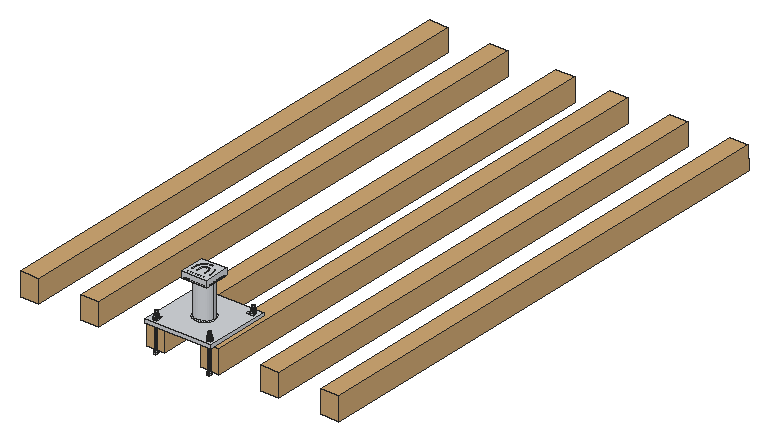
Revit family "Exterior-Building-Maintenance_FMSTBA_Thru-Bolt-Wood_Lynn-Safety", category Generic Models, host Face, Revit 2026
Family settings
  Host = Face
  Can host rebar = No
  Round Connector Dimension = Use Diameter
  Part Type = Normal
  Cut with Voids When Loaded = No
  Maintain Annotation Orientation = No
  Shared = No
  Room Calculation Point = No
Parameters
  URL = "https://www.lynnsafety.com/"
  Specification = "https://www.arcat.com/company/lynn-safety-inc-49484/spec"
  Product Page URL = "https://www.arcat.com/arcatcos/cos49/arc49484.html"
  Model = "FMSTBA_Thru Bolt Wood"
  Manufacturer = "Lynn Safety"
  Keynote = "11 81 23"
  Default Elevation = 4' - 0"
  Copyright = "ARCAT"
  CAD Details = "https://www.arcat.com/company/lynn-safety-inc-49484/cad"
Reference planes (in)
  plane 1 "Center (Front/Back)": y = 0
  plane 2: z = 0
  plane 3 "Center (Left/Right)": x = 0
  plane 4: x = 15
Forms (in)
  Extrusion 1, solid
    sketch origin (0, 0, 0) x (1, 0, 0) y (0, 1, 0)
      loop
        line (-3, 3) -> (-3, -3) -> (3, -3) -> (3, 3) -> (-3, 3)
    from 9.25 to 10.75
  Extrusion 2, solid
    sketch origin (0, 0, -7.25) x (1, 0, 0) y (0, 1, 0)
      loop
        line (-8, -8) -> (8, -8) -> (8, 8) -> (-8, 8) -> (-8, -8)
      loop
        arc (-6.35355, 5.64645) -> (-5.64645, 5.64645) -> (-5.64645, 6.35355) r 0.5
        line (-5.64645, 6.35355) -> (-6.14645, 6.85355)
        arc (-6.14645, 6.85355) -> (-6.85355, 6.85355) -> (-6.85355, 6.14645) r 0.5
        line (-6.85355, 6.14645) -> (-6.35355, 5.64645)
      loop
        arc (-5.64645, -6.35355) -> (-5.64645, -5.64645) -> (-6.35355, -5.64645) r 0.5
        line (-6.35355, -5.64645) -> (-6.85355, -6.14645)
        arc (-6.85355, -6.14645) -> (-6.85355, -6.85355) -> (-6.14645, -6.85355) r 0.5
        line (-6.14645, -6.85355) -> (-5.64645, -6.35355)
      loop
        arc (6.14645, -6.85355) -> (6.85355, -6.85355) -> (6.85355, -6.14645) r 0.5
        line (6.85355, -6.14645) -> (6.35355, -5.64645)
        arc (6.35355, -5.64645) -> (5.64645, -5.64645) -> (5.64645, -6.35355) r 0.5
        line (5.64645, -6.35355) -> (6.14645, -6.85355)
      loop
        line (6.35355, 5.64645) -> (6.85355, 6.14645)
        arc (6.85355, 6.14645) -> (6.85355, 6.85355) -> (6.14645, 6.85355) r 0.5
        line (6.14645, 6.85355) -> (5.64645, 6.35355)
        arc (5.64645, 6.35355) -> (5.64645, 5.64645) -> (6.35355, 5.64645) r 0.5
    from 7.25 to 8
  Extrusion 3, solid
    sketch origin (0, 0, 0) x (1, 0, 0) y (0, 1, 0)
      loop
        circle (-6.49805, -6.5) r 0.6232
      loop
        circle (-6.49805, -6.5) r 0.32921
      loop
        circle (6.49805, -6.5) r 0.6232
      loop
        circle (6.49805, -6.5) r 0.32921
      loop
        circle (-6.49805, 6.5) r 0.6232
      loop
        circle (-6.49805, 6.5) r 0.32921
      loop
        circle (6.49805, 6.5) r 0.6232
      loop
        circle (6.49805, 6.5) r 0.32921
    from 0.75 to 0.82812
  Extrusion 4, solid
    sketch origin (0, 0, 0) x (1, 0, 0) y (0, 1, 0)
      loop
        circle (0, 0) r 2.24703
    from 0.75 to 9.25
  Extrusion 5, solid
    sketch origin (0, 0, 0) x (1, 0, 0) y (0, 1, 0)
      loop
        line (-6.99422, -6.51675) -> (-6.76119, -6.92038) -> (-6.73346, -6.93638) -> (-6.26654, -6.93638) -> (-6.23881, -6.92038) -> (-6.00578, -6.51675) -> (-6.00578, -6.48325) -> (-6.23881, -6.07962) -> (-6.26654, -6.06362) -> (-6.73346, -6.06362) -> (-6.76119, -6.07962) -> (-6.99422, -6.48325) -> (-6.99422, -6.51675)
    from 0.82812 to 1.19562
  Extrusion 6, solid
    sketch origin (0, 0, 0.375) x (1, 0, 0) y (0, 1, 0)
      loop
        line (-6.99422, -6.51675) -> (-6.76119, -6.92038) -> (-6.73346, -6.93638) -> (-6.26654, -6.93638) -> (-6.23881, -6.92038) -> (-6.00578, -6.51675) -> (-6.00578, -6.48325) -> (-6.23881, -6.07962) -> (-6.26654, -6.06362) -> (-6.73346, -6.06362) -> (-6.76119, -6.07962) -> (-6.99422, -6.48325) -> (-6.99422, -6.51675)
    from 0.8327 to 1.20312
  Extrusion 7, solid
    sketch origin (0, 0, 0) x (1, 0, 0) y (0, 1, 0)
      loop
        circle (-6.49805, -6.5) r 0.25
      loop
        circle (6.49805, -6.5) r 0.25
      loop
        circle (-6.49805, 6.5) r 0.25
      loop
        circle (6.49805, 6.5) r 0.25
    from -6 to 2.5
  Revolve 8, solid
    sketch origin (0, 6.5, 0) x (1, 0, 0) y (0, 0, 1)
      loop
        line (-6.24805, 2.47625) -> (-6.24805, 2.43461) -> (-6.21199, 2.45543) -> (-6.24805, 2.47625)
      loop
        line (-6.24805, 2.39886) -> (-6.24805, 2.35722) -> (-6.21199, 2.37804) -> (-6.24805, 2.39886)
      loop
        line (-6.24805, 2.32208) -> (-6.24805, 2.28044) -> (-6.21199, 2.30126) -> (-6.24805, 2.32208)
      loop
        line (-6.24805, 2.2448) -> (-6.24805, 2.20316) -> (-6.21199, 2.22398) -> (-6.24805, 2.2448)
      loop
        line (-6.24805, 2.1674) -> (-6.24805, 2.12576) -> (-6.21199, 2.14658) -> (-6.24805, 2.1674)
      loop
        line (-6.24805, 2.09175) -> (-6.24805, 2.05011) -> (-6.21199, 2.07093) -> (-6.24805, 2.09175)
      loop
        line (-6.24805, 2.01324) -> (-6.24805, 1.9716) -> (-6.21199, 1.99242) -> (-6.24805, 2.01324)
      loop
        line (-6.24805, 1.9367) -> (-6.24805, 1.89506) -> (-6.21199, 1.91588) -> (-6.24805, 1.9367)
      loop
        line (-6.24805, 1.86003) -> (-6.24805, 1.81839) -> (-6.21199, 1.83921) -> (-6.24805, 1.86003)
      loop
        line (-6.24805, 1.78429) -> (-6.24805, 1.74265) -> (-6.21199, 1.76347) -> (-6.24805, 1.78429)
      loop
        line (-6.24805, 1.70685) -> (-6.24805, 1.66521) -> (-6.21199, 1.68603) -> (-6.24805, 1.70685)
      loop
        line (-6.24805, 1.62971) -> (-6.24805, 1.58807) -> (-6.21199, 1.60889) -> (-6.24805, 1.62971)
      loop
        line (-6.24805, 0.01427) -> (-6.24805, -0.02737) -> (-6.21199, -0.00655) -> (-6.24805, 0.01427)
      loop
        line (-6.24805, -0.06207) -> (-6.24805, -0.10371) -> (-6.21199, -0.08289) -> (-6.24805, -0.06207)
      loop
        line (-6.24805, -0.14229) -> (-6.24805, -0.18393) -> (-6.21199, -0.16311) -> (-6.24805, -0.14229)
      loop
        line (-6.24805, -0.21618) -> (-6.24805, -0.25782) -> (-6.21199, -0.237) -> (-6.24805, -0.21618)
      loop
        line (-6.24805, -0.2935) -> (-6.24805, -0.33514) -> (-6.21199, -0.31432) -> (-6.24805, -0.2935)
      loop
        line (-6.24805, -0.37128) -> (-6.24805, -0.41292) -> (-6.21199, -0.3921) -> (-6.24805, -0.37128)
      loop
        line (-6.24805, -0.44723) -> (-6.24805, -0.48887) -> (-6.21199, -0.46805) -> (-6.24805, -0.44723)
      loop
        line (-6.24805, -0.52442) -> (-6.24805, -0.56606) -> (-6.21199, -0.54524) -> (-6.24805, -0.52442)
      loop
        line (-6.24805, -0.59988) -> (-6.24805, -0.64152) -> (-6.21199, -0.6207) -> (-6.24805, -0.59988)
      loop
        line (-6.24805, -0.67621) -> (-6.24805, -0.71785) -> (-6.21199, -0.69703) -> (-6.24805, -0.67621)
      loop
        line (-6.24805, -0.75643) -> (-6.24805, -0.79807) -> (-6.21199, -0.77725) -> (-6.24805, -0.75643)
      loop
        line (-6.24805, -0.83032) -> (-6.24805, -0.87196) -> (-6.21199, -0.85114) -> (-6.24805, -0.83032)
      loop
        line (-6.24805, -0.90764) -> (-6.24805, -0.94928) -> (-6.21199, -0.92846) -> (-6.24805, -0.90764)
      loop
        line (-6.24805, -0.98543) -> (-6.24805, -1.02707) -> (-6.21199, -1.00625) -> (-6.24805, -0.98543)
      loop
        line (-6.24805, -1.06137) -> (-6.24805, -1.10301) -> (-6.21199, -1.08219) -> (-6.24805, -1.06137)
      loop
        line (-6.24805, -1.13856) -> (-6.24805, -1.1802) -> (-6.21199, -1.15938) -> (-6.24805, -1.13856)
      loop
        line (-6.24805, -1.21402) -> (-6.24805, -1.25566) -> (-6.21199, -1.23484) -> (-6.24805, -1.21402)
      loop
        line (-6.24805, -1.29036) -> (-6.24805, -1.332) -> (-6.21199, -1.31118) -> (-6.24805, -1.29036)
      loop
        line (-6.24805, -1.37058) -> (-6.24805, -1.41222) -> (-6.21199, -1.3914) -> (-6.24805, -1.37058)
      loop
        line (-6.24805, -1.44447) -> (-6.24805, -1.48611) -> (-6.21199, -1.46529) -> (-6.24805, -1.44447)
      loop
        line (-6.24805, -1.52179) -> (-6.24805, -1.56343) -> (-6.21199, -1.54261) -> (-6.24805, -1.52179)
      loop
        line (-6.24805, -1.59957) -> (-6.24805, -1.64121) -> (-6.21199, -1.62039) -> (-6.24805, -1.59957)
      loop
        line (-6.24805, -1.67551) -> (-6.24805, -1.71715) -> (-6.21199, -1.69633) -> (-6.24805, -1.67551)
      loop
        line (-6.24805, -1.75271) -> (-6.24805, -1.79435) -> (-6.21199, -1.77353) -> (-6.24805, -1.75271)
      loop
        line (-6.24805, -1.82816) -> (-6.24805, -1.8698) -> (-6.21199, -1.84898) -> (-6.24805, -1.82816)
      loop
        line (-6.24805, -1.9045) -> (-6.24805, -1.94614) -> (-6.21199, -1.92532) -> (-6.24805, -1.9045)
      loop
        line (-6.24805, -1.98472) -> (-6.24805, -2.02636) -> (-6.21199, -2.00554) -> (-6.24805, -1.98472)
      loop
        line (-6.24805, -2.05861) -> (-6.24805, -2.10025) -> (-6.21199, -2.07943) -> (-6.24805, -2.05861)
      loop
        line (-6.24805, -2.13593) -> (-6.24805, -2.17757) -> (-6.21199, -2.15675) -> (-6.24805, -2.13593)
      loop
        line (-6.24805, -2.21372) -> (-6.24805, -2.25536) -> (-6.21199, -2.23454) -> (-6.24805, -2.21372)
      loop
        line (-6.24805, -2.28966) -> (-6.24805, -2.3313) -> (-6.21199, -2.31048) -> (-6.24805, -2.28966)
      loop
        line (-6.24805, -2.36685) -> (-6.24805, -2.40849) -> (-6.21199, -2.38767) -> (-6.24805, -2.36685)
      loop
        line (-6.24805, -2.44231) -> (-6.24805, -2.48395) -> (-6.21199, -2.46313) -> (-6.24805, -2.44231)
      loop
        line (-6.24805, -2.51864) -> (-6.24805, -2.56028) -> (-6.21199, -2.53946) -> (-6.24805, -2.51864)
      loop
        line (-6.24805, -2.59886) -> (-6.24805, -2.6405) -> (-6.21199, -2.61968) -> (-6.24805, -2.59886)
      loop
        line (-6.24805, -2.67276) -> (-6.24805, -2.7144) -> (-6.21199, -2.69358) -> (-6.24805, -2.67276)
      loop
        line (-6.24805, -2.75007) -> (-6.24805, -2.79171) -> (-6.21199, -2.77089) -> (-6.24805, -2.75007)
      loop
        line (-6.24805, -2.82786) -> (-6.24805, -2.8695) -> (-6.21199, -2.84868) -> (-6.24805, -2.82786)
      loop
        line (-6.24805, -2.9038) -> (-6.24805, -2.94544) -> (-6.21199, -2.92462) -> (-6.24805, -2.9038)
      loop
        line (-6.24805, -2.981) -> (-6.24805, -3.02264) -> (-6.21199, -3.00182) -> (-6.24805, -2.981)
      loop
        line (-6.24805, -3.05645) -> (-6.24805, -3.09809) -> (-6.21199, -3.07727) -> (-6.24805, -3.05645)
      loop
        line (-6.24805, -3.13279) -> (-6.24805, -3.17443) -> (-6.21199, -3.15361) -> (-6.24805, -3.13279)
      loop
        line (-6.24805, -3.21301) -> (-6.24805, -3.25465) -> (-6.21199, -3.23383) -> (-6.24805, -3.21301)
      loop
        line (-6.24805, -3.2869) -> (-6.24805, -3.32854) -> (-6.21199, -3.30772) -> (-6.24805, -3.2869)
      loop
        line (-6.24805, -3.36422) -> (-6.24805, -3.40586) -> (-6.21199, -3.38504) -> (-6.24805, -3.36422)
      loop
        line (-6.24805, -3.442) -> (-6.24805, -3.48364) -> (-6.21199, -3.46282) -> (-6.24805, -3.442)
      loop
        line (-6.24805, -3.51794) -> (-6.24805, -3.55959) -> (-6.21199, -3.53877) -> (-6.24805, -3.51794)
      loop
        line (-6.24805, -3.59514) -> (-6.24805, -3.63678) -> (-6.21199, -3.61596) -> (-6.24805, -3.59514)
      loop
        line (-6.24805, -3.6706) -> (-6.24805, -3.71224) -> (-6.21199, -3.69142) -> (-6.24805, -3.6706)
      loop
        line (-6.24805, -3.74693) -> (-6.24805, -3.78857) -> (-6.21199, -3.76775) -> (-6.24805, -3.74693)
      loop
        line (-6.24805, -3.82715) -> (-6.24805, -3.86879) -> (-6.21199, -3.84797) -> (-6.24805, -3.82715)
      loop
        line (-6.24805, -3.90104) -> (-6.24805, -3.94268) -> (-6.21199, -3.92186) -> (-6.24805, -3.90104)
      loop
        line (-6.24805, -3.97836) -> (-6.24805, -4.02) -> (-6.21199, -3.99918) -> (-6.24805, -3.97836)
      loop
        line (-6.24805, -4.05615) -> (-6.24805, -4.09779) -> (-6.21199, -4.07697) -> (-6.24805, -4.05615)
      loop
        line (-6.24805, -4.13209) -> (-6.24805, -4.17373) -> (-6.21199, -4.15291) -> (-6.24805, -4.13209)
      loop
        line (-6.24805, -4.20928) -> (-6.24805, -4.25092) -> (-6.21199, -4.2301) -> (-6.24805, -4.20928)
      loop
        line (-6.24805, -4.28474) -> (-6.24805, -4.32638) -> (-6.21199, -4.30556) -> (-6.24805, -4.28474)
      loop
        line (-6.24805, -4.36107) -> (-6.24805, -4.40272) -> (-6.21199, -4.38189) -> (-6.24805, -4.36107)
      loop
        line (-6.24805, -4.4413) -> (-6.24805, -4.48294) -> (-6.21199, -4.46212) -> (-6.24805, -4.4413)
      loop
        line (-6.24805, -4.51519) -> (-6.24805, -4.55683) -> (-6.21199, -4.53601) -> (-6.24805, -4.51519)
      loop
        line (-6.24805, -4.5925) -> (-6.24805, -4.63415) -> (-6.21199, -4.61332) -> (-6.24805, -4.5925)
      loop
        line (-6.24805, -4.67029) -> (-6.24805, -4.71193) -> (-6.21199, -4.69111) -> (-6.24805, -4.67029)
      loop
        line (-6.24805, -4.74623) -> (-6.24805, -4.78787) -> (-6.21199, -4.76705) -> (-6.24805, -4.74623)
      loop
        line (-6.24805, -4.82343) -> (-6.24805, -4.86507) -> (-6.21199, -4.84425) -> (-6.24805, -4.82343)
      loop
        line (-6.24805, -4.89888) -> (-6.24805, -4.94052) -> (-6.21199, -4.9197) -> (-6.24805, -4.89888)
      loop
        line (-6.24805, -4.97522) -> (-6.24805, -5.01686) -> (-6.21199, -4.99604) -> (-6.24805, -4.97522)
      loop
        line (-6.24805, -5.05544) -> (-6.24805, -5.09708) -> (-6.21199, -5.07626) -> (-6.24805, -5.05544)
      loop
        line (-6.24805, -5.12933) -> (-6.24805, -5.17097) -> (-6.21199, -5.15015) -> (-6.24805, -5.12933)
      loop
        line (-6.24805, -5.20665) -> (-6.24805, -5.24829) -> (-6.21199, -5.22747) -> (-6.24805, -5.20665)
      loop
        line (-6.24805, -5.28443) -> (-6.24805, -5.32608) -> (-6.21199, -5.30525) -> (-6.24805, -5.28443)
      loop
        line (-6.24805, -5.36038) -> (-6.24805, -5.40202) -> (-6.21199, -5.3812) -> (-6.24805, -5.36038)
      loop
        line (-6.24805, -5.43757) -> (-6.24805, -5.47921) -> (-6.21199, -5.45839) -> (-6.24805, -5.43757)
      loop
        line (-6.24805, -5.51303) -> (-6.24805, -5.55467) -> (-6.21199, -5.53385) -> (-6.24805, -5.51303)
      loop
        line (-6.24805, -5.58936) -> (-6.24805, -5.631) -> (-6.21199, -5.61018) -> (-6.24805, -5.58936)
      loop
        line (-6.24805, -5.66958) -> (-6.24805, -5.71122) -> (-6.21199, -5.6904) -> (-6.24805, -5.66958)
      loop
        line (-6.24805, -5.74348) -> (-6.24805, -5.78512) -> (-6.21199, -5.7643) -> (-6.24805, -5.74348)
      loop
        line (-6.24805, -5.82079) -> (-6.24805, -5.86243) -> (-6.21199, -5.84161) -> (-6.24805, -5.82079)
      loop
        line (-6.24805, -5.89858) -> (-6.24805, -5.94022) -> (-6.21199, -5.9194) -> (-6.24805, -5.89858)
      axis (-6.49805, 2.47625) -> (-6.49805, -5.94022)
    angle from 0 to 360
  Revolve 9, solid
    sketch origin (0, -6.5, 0) x (1, 0, 0) y (0, 0, -1)
      loop
        line (-6.24805, -2.47625) -> (-6.21199, -2.45543) -> (-6.24805, -2.43461) -> (-6.24805, -2.47625)
      loop
        line (-6.24805, -2.39886) -> (-6.21199, -2.37804) -> (-6.24805, -2.35722) -> (-6.24805, -2.39886)
      loop
        line (-6.24805, -2.32208) -> (-6.21199, -2.30126) -> (-6.24805, -2.28044) -> (-6.24805, -2.32208)
      loop
        line (-6.24805, -2.2448) -> (-6.21199, -2.22398) -> (-6.24805, -2.20316) -> (-6.24805, -2.2448)
      loop
        line (-6.24805, -2.1674) -> (-6.21199, -2.14658) -> (-6.24805, -2.12576) -> (-6.24805, -2.1674)
      loop
        line (-6.24805, -2.09175) -> (-6.21199, -2.07093) -> (-6.24805, -2.05011) -> (-6.24805, -2.09175)
      loop
        line (-6.24805, -2.01324) -> (-6.21199, -1.99242) -> (-6.24805, -1.9716) -> (-6.24805, -2.01324)
      loop
        line (-6.24805, -1.9367) -> (-6.21199, -1.91588) -> (-6.24805, -1.89506) -> (-6.24805, -1.9367)
      loop
        line (-6.24805, -1.86003) -> (-6.21199, -1.83921) -> (-6.24805, -1.81839) -> (-6.24805, -1.86003)
      loop
        line (-6.24805, -1.78429) -> (-6.21199, -1.76347) -> (-6.24805, -1.74265) -> (-6.24805, -1.78429)
      loop
        line (-6.24805, -1.70685) -> (-6.21199, -1.68603) -> (-6.24805, -1.66521) -> (-6.24805, -1.70685)
      loop
        line (-6.24805, -1.62971) -> (-6.21199, -1.60889) -> (-6.24805, -1.58807) -> (-6.24805, -1.62971)
      loop
        line (-6.24805, -0.01427) -> (-6.21199, 0.00655) -> (-6.24805, 0.02737) -> (-6.24805, -0.01427)
      loop
        line (-6.24805, 0.06207) -> (-6.21199, 0.08289) -> (-6.24805, 0.10371) -> (-6.24805, 0.06207)
      loop
        line (-6.24805, 0.14229) -> (-6.21199, 0.16311) -> (-6.24805, 0.18393) -> (-6.24805, 0.14229)
      loop
        line (-6.24805, 0.21618) -> (-6.21199, 0.237) -> (-6.24805, 0.25782) -> (-6.24805, 0.21618)
      loop
        line (-6.24805, 0.2935) -> (-6.21199, 0.31432) -> (-6.24805, 0.33514) -> (-6.24805, 0.2935)
      loop
        line (-6.24805, 0.37128) -> (-6.21199, 0.3921) -> (-6.24805, 0.41292) -> (-6.24805, 0.37128)
      loop
        line (-6.24805, 0.44723) -> (-6.21199, 0.46805) -> (-6.24805, 0.48887) -> (-6.24805, 0.44723)
      loop
        line (-6.24805, 0.52442) -> (-6.21199, 0.54524) -> (-6.24805, 0.56606) -> (-6.24805, 0.52442)
      loop
        line (-6.24805, 0.59988) -> (-6.21199, 0.6207) -> (-6.24805, 0.64152) -> (-6.24805, 0.59988)
      loop
        line (-6.24805, 0.67621) -> (-6.21199, 0.69703) -> (-6.24805, 0.71785) -> (-6.24805, 0.67621)
      loop
        line (-6.24805, 0.75643) -> (-6.21199, 0.77725) -> (-6.24805, 0.79807) -> (-6.24805, 0.75643)
      loop
        line (-6.24805, 0.83032) -> (-6.21199, 0.85114) -> (-6.24805, 0.87196) -> (-6.24805, 0.83032)
      loop
        line (-6.24805, 0.90764) -> (-6.21199, 0.92846) -> (-6.24805, 0.94928) -> (-6.24805, 0.90764)
      loop
        line (-6.24805, 0.98543) -> (-6.21199, 1.00625) -> (-6.24805, 1.02707) -> (-6.24805, 0.98543)
      loop
        line (-6.24805, 1.06137) -> (-6.21199, 1.08219) -> (-6.24805, 1.10301) -> (-6.24805, 1.06137)
      loop
        line (-6.24805, 1.13856) -> (-6.21199, 1.15938) -> (-6.24805, 1.1802) -> (-6.24805, 1.13856)
      loop
        line (-6.24805, 1.21402) -> (-6.21199, 1.23484) -> (-6.24805, 1.25566) -> (-6.24805, 1.21402)
      loop
        line (-6.24805, 1.29036) -> (-6.21199, 1.31118) -> (-6.24805, 1.332) -> (-6.24805, 1.29036)
      loop
        line (-6.24805, 1.37058) -> (-6.21199, 1.3914) -> (-6.24805, 1.41222) -> (-6.24805, 1.37058)
      loop
        line (-6.24805, 1.44447) -> (-6.21199, 1.46529) -> (-6.24805, 1.48611) -> (-6.24805, 1.44447)
      loop
        line (-6.24805, 1.52179) -> (-6.21199, 1.54261) -> (-6.24805, 1.56343) -> (-6.24805, 1.52179)
      loop
        line (-6.24805, 1.59957) -> (-6.21199, 1.62039) -> (-6.24805, 1.64121) -> (-6.24805, 1.59957)
      loop
        line (-6.24805, 1.67551) -> (-6.21199, 1.69633) -> (-6.24805, 1.71715) -> (-6.24805, 1.67551)
      loop
        line (-6.24805, 1.75271) -> (-6.21199, 1.77353) -> (-6.24805, 1.79435) -> (-6.24805, 1.75271)
      loop
        line (-6.24805, 1.82816) -> (-6.21199, 1.84898) -> (-6.24805, 1.8698) -> (-6.24805, 1.82816)
      loop
        line (-6.24805, 1.9045) -> (-6.21199, 1.92532) -> (-6.24805, 1.94614) -> (-6.24805, 1.9045)
      loop
        line (-6.24805, 1.98472) -> (-6.21199, 2.00554) -> (-6.24805, 2.02636) -> (-6.24805, 1.98472)
      loop
        line (-6.24805, 2.05861) -> (-6.21199, 2.07943) -> (-6.24805, 2.10025) -> (-6.24805, 2.05861)
      loop
        line (-6.24805, 2.13593) -> (-6.21199, 2.15675) -> (-6.24805, 2.17757) -> (-6.24805, 2.13593)
      loop
        line (-6.24805, 2.21372) -> (-6.21199, 2.23454) -> (-6.24805, 2.25536) -> (-6.24805, 2.21372)
      loop
        line (-6.24805, 2.28966) -> (-6.21199, 2.31048) -> (-6.24805, 2.3313) -> (-6.24805, 2.28966)
      loop
        line (-6.24805, 2.36685) -> (-6.21199, 2.38767) -> (-6.24805, 2.40849) -> (-6.24805, 2.36685)
      loop
        line (-6.24805, 2.44231) -> (-6.21199, 2.46313) -> (-6.24805, 2.48395) -> (-6.24805, 2.44231)
      loop
        line (-6.24805, 2.51864) -> (-6.21199, 2.53946) -> (-6.24805, 2.56028) -> (-6.24805, 2.51864)
      loop
        line (-6.24805, 2.59886) -> (-6.21199, 2.61968) -> (-6.24805, 2.6405) -> (-6.24805, 2.59886)
      loop
        line (-6.24805, 2.67276) -> (-6.21199, 2.69358) -> (-6.24805, 2.7144) -> (-6.24805, 2.67276)
      loop
        line (-6.24805, 2.75007) -> (-6.21199, 2.77089) -> (-6.24805, 2.79171) -> (-6.24805, 2.75007)
      loop
        line (-6.24805, 2.82786) -> (-6.21199, 2.84868) -> (-6.24805, 2.8695) -> (-6.24805, 2.82786)
      loop
        line (-6.24805, 2.9038) -> (-6.21199, 2.92462) -> (-6.24805, 2.94544) -> (-6.24805, 2.9038)
      loop
        line (-6.24805, 2.981) -> (-6.21199, 3.00182) -> (-6.24805, 3.02264) -> (-6.24805, 2.981)
      loop
        line (-6.24805, 3.05645) -> (-6.21199, 3.07727) -> (-6.24805, 3.09809) -> (-6.24805, 3.05645)
      loop
        line (-6.24805, 3.13279) -> (-6.21199, 3.15361) -> (-6.24805, 3.17443) -> (-6.24805, 3.13279)
      loop
        line (-6.24805, 3.21301) -> (-6.21199, 3.23383) -> (-6.24805, 3.25465) -> (-6.24805, 3.21301)
      loop
        line (-6.24805, 3.2869) -> (-6.21199, 3.30772) -> (-6.24805, 3.32854) -> (-6.24805, 3.2869)
      loop
        line (-6.24805, 3.36422) -> (-6.21199, 3.38504) -> (-6.24805, 3.40586) -> (-6.24805, 3.36422)
      loop
        line (-6.24805, 3.442) -> (-6.21199, 3.46282) -> (-6.24805, 3.48364) -> (-6.24805, 3.442)
      loop
        line (-6.24805, 3.51794) -> (-6.21199, 3.53877) -> (-6.24805, 3.55959) -> (-6.24805, 3.51794)
      loop
        line (-6.24805, 3.59514) -> (-6.21199, 3.61596) -> (-6.24805, 3.63678) -> (-6.24805, 3.59514)
      loop
        line (-6.24805, 3.6706) -> (-6.21199, 3.69142) -> (-6.24805, 3.71224) -> (-6.24805, 3.6706)
      loop
        line (-6.24805, 3.74693) -> (-6.21199, 3.76775) -> (-6.24805, 3.78857) -> (-6.24805, 3.74693)
      loop
        line (-6.24805, 3.82715) -> (-6.21199, 3.84797) -> (-6.24805, 3.86879) -> (-6.24805, 3.82715)
      loop
        line (-6.24805, 3.90104) -> (-6.21199, 3.92186) -> (-6.24805, 3.94268) -> (-6.24805, 3.90104)
      loop
        line (-6.24805, 3.97836) -> (-6.21199, 3.99918) -> (-6.24805, 4.02) -> (-6.24805, 3.97836)
      loop
        line (-6.24805, 4.05615) -> (-6.21199, 4.07697) -> (-6.24805, 4.09779) -> (-6.24805, 4.05615)
      loop
        line (-6.24805, 4.13209) -> (-6.21199, 4.15291) -> (-6.24805, 4.17373) -> (-6.24805, 4.13209)
      loop
        line (-6.24805, 4.20928) -> (-6.21199, 4.2301) -> (-6.24805, 4.25092) -> (-6.24805, 4.20928)
      loop
        line (-6.24805, 4.28474) -> (-6.21199, 4.30556) -> (-6.24805, 4.32638) -> (-6.24805, 4.28474)
      loop
        line (-6.24805, 4.36107) -> (-6.21199, 4.38189) -> (-6.24805, 4.40272) -> (-6.24805, 4.36107)
      loop
        line (-6.24805, 4.4413) -> (-6.21199, 4.46212) -> (-6.24805, 4.48294) -> (-6.24805, 4.4413)
      loop
        line (-6.24805, 4.51519) -> (-6.21199, 4.53601) -> (-6.24805, 4.55683) -> (-6.24805, 4.51519)
      loop
        line (-6.24805, 4.5925) -> (-6.21199, 4.61332) -> (-6.24805, 4.63415) -> (-6.24805, 4.5925)
      loop
        line (-6.24805, 4.67029) -> (-6.21199, 4.69111) -> (-6.24805, 4.71193) -> (-6.24805, 4.67029)
      loop
        line (-6.24805, 4.74623) -> (-6.21199, 4.76705) -> (-6.24805, 4.78787) -> (-6.24805, 4.74623)
      loop
        line (-6.24805, 4.82343) -> (-6.21199, 4.84425) -> (-6.24805, 4.86507) -> (-6.24805, 4.82343)
      loop
        line (-6.24805, 4.89888) -> (-6.21199, 4.9197) -> (-6.24805, 4.94052) -> (-6.24805, 4.89888)
      loop
        line (-6.24805, 4.97522) -> (-6.21199, 4.99604) -> (-6.24805, 5.01686) -> (-6.24805, 4.97522)
      loop
        line (-6.24805, 5.05544) -> (-6.21199, 5.07626) -> (-6.24805, 5.09708) -> (-6.24805, 5.05544)
      loop
        line (-6.24805, 5.12933) -> (-6.21199, 5.15015) -> (-6.24805, 5.17097) -> (-6.24805, 5.12933)
      loop
        line (-6.24805, 5.20665) -> (-6.21199, 5.22747) -> (-6.24805, 5.24829) -> (-6.24805, 5.20665)
      loop
        line (-6.24805, 5.28443) -> (-6.21199, 5.30525) -> (-6.24805, 5.32608) -> (-6.24805, 5.28443)
      loop
        line (-6.24805, 5.36038) -> (-6.21199, 5.3812) -> (-6.24805, 5.40202) -> (-6.24805, 5.36038)
      loop
        line (-6.24805, 5.43757) -> (-6.21199, 5.45839) -> (-6.24805, 5.47921) -> (-6.24805, 5.43757)
      loop
        line (-6.24805, 5.51303) -> (-6.21199, 5.53385) -> (-6.24805, 5.55467) -> (-6.24805, 5.51303)
      loop
        line (-6.24805, 5.58936) -> (-6.21199, 5.61018) -> (-6.24805, 5.631) -> (-6.24805, 5.58936)
      loop
        line (-6.24805, 5.66958) -> (-6.21199, 5.6904) -> (-6.24805, 5.71122) -> (-6.24805, 5.66958)
      loop
        line (-6.24805, 5.74348) -> (-6.21199, 5.7643) -> (-6.24805, 5.78512) -> (-6.24805, 5.74348)
      loop
        line (-6.24805, 5.82079) -> (-6.21199, 5.84161) -> (-6.24805, 5.86243) -> (-6.24805, 5.82079)
      loop
        line (-6.24805, 5.89858) -> (-6.21199, 5.9194) -> (-6.24805, 5.94022) -> (-6.24805, 5.89858)
      axis (-6.49805, -2.47625) -> (-6.49805, 5.94022)
    angle from 0 to 360
  Extrusion 10, solid
    sketch origin (0, 0, 0) x (1, 0, 0) y (0, 1, 0)
      loop
        line (-6.99422, 6.51675) -> (-6.99422, 6.48325) -> (-6.76119, 6.07962) -> (-6.73346, 6.06362) -> (-6.26654, 6.06362) -> (-6.23881, 6.07962) -> (-6.00578, 6.48325) -> (-6.00578, 6.51675) -> (-6.23881, 6.92038) -> (-6.26654, 6.93638) -> (-6.73346, 6.93638) -> (-6.76119, 6.92038) -> (-6.99422, 6.51675)
    from 0.82812 to 1.19562
  Extrusion 11, solid
    sketch origin (0, 0, 0.375) x (1, 0, 0) y (0, 1, 0)
      loop
        line (-6.99422, 6.51675) -> (-6.99422, 6.48325) -> (-6.76119, 6.07962) -> (-6.73346, 6.06362) -> (-6.26654, 6.06362) -> (-6.23881, 6.07962) -> (-6.00578, 6.48325) -> (-6.00578, 6.51675) -> (-6.23881, 6.92038) -> (-6.26654, 6.93638) -> (-6.73346, 6.93638) -> (-6.76119, 6.92038) -> (-6.99422, 6.51675)
    from 0.8327 to 1.20312
  Extrusion 12, solid
    sketch origin (0, 0, 0) x (-1, 0, 0) y (0, -1, 0)
      loop
        line (-6.99422, 6.51675) -> (-6.99422, 6.48325) -> (-6.76119, 6.07962) -> (-6.73346, 6.06362) -> (-6.26654, 6.06362) -> (-6.23881, 6.07962) -> (-6.00578, 6.48325) -> (-6.00578, 6.51675) -> (-6.23881, 6.92038) -> (-6.26654, 6.93638) -> (-6.73346, 6.93638) -> (-6.76119, 6.92038) -> (-6.99422, 6.51675)
    from 0.82812 to 1.19562
  Extrusion 13, solid
    sketch origin (0, 0, 0.375) x (-1, 0, 0) y (0, -1, 0)
      loop
        line (-6.99422, 6.51675) -> (-6.99422, 6.48325) -> (-6.76119, 6.07962) -> (-6.73346, 6.06362) -> (-6.26654, 6.06362) -> (-6.23881, 6.07962) -> (-6.00578, 6.48325) -> (-6.00578, 6.51675) -> (-6.23881, 6.92038) -> (-6.26654, 6.93638) -> (-6.73346, 6.93638) -> (-6.76119, 6.92038) -> (-6.99422, 6.51675)
    from 0.8327 to 1.20312
  Extrusion 14, solid
    sketch origin (0, 0, 0) x (-1, 0, 0) y (0, -1, 0)
      loop
        line (-6.99422, -6.51675) -> (-6.76119, -6.92038) -> (-6.73346, -6.93638) -> (-6.26654, -6.93638) -> (-6.23881, -6.92038) -> (-6.00578, -6.51675) -> (-6.00578, -6.48325) -> (-6.23881, -6.07962) -> (-6.26654, -6.06362) -> (-6.73346, -6.06362) -> (-6.76119, -6.07962) -> (-6.99422, -6.48325) -> (-6.99422, -6.51675)
    from 0.82812 to 1.19562
  Extrusion 15, solid
    sketch origin (0, 0, 0.375) x (-1, 0, 0) y (0, -1, 0)
      loop
        line (-6.99422, -6.51675) -> (-6.76119, -6.92038) -> (-6.73346, -6.93638) -> (-6.26654, -6.93638) -> (-6.23881, -6.92038) -> (-6.00578, -6.51675) -> (-6.00578, -6.48325) -> (-6.23881, -6.07962) -> (-6.26654, -6.06362) -> (-6.73346, -6.06362) -> (-6.76119, -6.07962) -> (-6.99422, -6.48325) -> (-6.99422, -6.51675)
    from 0.8327 to 1.20312
  Revolve 16, solid
    sketch origin (0, 6.5, 0) x (-1, 0, 0) y (0, 0, -1)
      loop
        line (-6.24805, -2.47625) -> (-6.21199, -2.45543) -> (-6.24805, -2.43461) -> (-6.24805, -2.47625)
      loop
        line (-6.24805, -2.39886) -> (-6.21199, -2.37804) -> (-6.24805, -2.35722) -> (-6.24805, -2.39886)
      loop
        line (-6.24805, -2.32208) -> (-6.21199, -2.30126) -> (-6.24805, -2.28044) -> (-6.24805, -2.32208)
      loop
        line (-6.24805, -2.2448) -> (-6.21199, -2.22398) -> (-6.24805, -2.20316) -> (-6.24805, -2.2448)
      loop
        line (-6.24805, -2.1674) -> (-6.21199, -2.14658) -> (-6.24805, -2.12576) -> (-6.24805, -2.1674)
      loop
        line (-6.24805, -2.09175) -> (-6.21199, -2.07093) -> (-6.24805, -2.05011) -> (-6.24805, -2.09175)
      loop
        line (-6.24805, -2.01324) -> (-6.21199, -1.99242) -> (-6.24805, -1.9716) -> (-6.24805, -2.01324)
      loop
        line (-6.24805, -1.9367) -> (-6.21199, -1.91588) -> (-6.24805, -1.89506) -> (-6.24805, -1.9367)
      loop
        line (-6.24805, -1.86003) -> (-6.21199, -1.83921) -> (-6.24805, -1.81839) -> (-6.24805, -1.86003)
      loop
        line (-6.24805, -1.78429) -> (-6.21199, -1.76347) -> (-6.24805, -1.74265) -> (-6.24805, -1.78429)
      loop
        line (-6.24805, -1.70685) -> (-6.21199, -1.68603) -> (-6.24805, -1.66521) -> (-6.24805, -1.70685)
      loop
        line (-6.24805, -1.62971) -> (-6.21199, -1.60889) -> (-6.24805, -1.58807) -> (-6.24805, -1.62971)
      loop
        line (-6.24805, -0.01427) -> (-6.21199, 0.00655) -> (-6.24805, 0.02737) -> (-6.24805, -0.01427)
      loop
        line (-6.24805, 0.06207) -> (-6.21199, 0.08289) -> (-6.24805, 0.10371) -> (-6.24805, 0.06207)
      loop
        line (-6.24805, 0.14229) -> (-6.21199, 0.16311) -> (-6.24805, 0.18393) -> (-6.24805, 0.14229)
      loop
        line (-6.24805, 0.21618) -> (-6.21199, 0.237) -> (-6.24805, 0.25782) -> (-6.24805, 0.21618)
      loop
        line (-6.24805, 0.2935) -> (-6.21199, 0.31432) -> (-6.24805, 0.33514) -> (-6.24805, 0.2935)
      loop
        line (-6.24805, 0.37128) -> (-6.21199, 0.3921) -> (-6.24805, 0.41292) -> (-6.24805, 0.37128)
      loop
        line (-6.24805, 0.44723) -> (-6.21199, 0.46805) -> (-6.24805, 0.48887) -> (-6.24805, 0.44723)
      loop
        line (-6.24805, 0.52442) -> (-6.21199, 0.54524) -> (-6.24805, 0.56606) -> (-6.24805, 0.52442)
      loop
        line (-6.24805, 0.59988) -> (-6.21199, 0.6207) -> (-6.24805, 0.64152) -> (-6.24805, 0.59988)
      loop
        line (-6.24805, 0.67621) -> (-6.21199, 0.69703) -> (-6.24805, 0.71785) -> (-6.24805, 0.67621)
      loop
        line (-6.24805, 0.75643) -> (-6.21199, 0.77725) -> (-6.24805, 0.79807) -> (-6.24805, 0.75643)
      loop
        line (-6.24805, 0.83032) -> (-6.21199, 0.85114) -> (-6.24805, 0.87196) -> (-6.24805, 0.83032)
      loop
        line (-6.24805, 0.90764) -> (-6.21199, 0.92846) -> (-6.24805, 0.94928) -> (-6.24805, 0.90764)
      loop
        line (-6.24805, 0.98543) -> (-6.21199, 1.00625) -> (-6.24805, 1.02707) -> (-6.24805, 0.98543)
      loop
        line (-6.24805, 1.06137) -> (-6.21199, 1.08219) -> (-6.24805, 1.10301) -> (-6.24805, 1.06137)
      loop
        line (-6.24805, 1.13856) -> (-6.21199, 1.15938) -> (-6.24805, 1.1802) -> (-6.24805, 1.13856)
      loop
        line (-6.24805, 1.21402) -> (-6.21199, 1.23484) -> (-6.24805, 1.25566) -> (-6.24805, 1.21402)
      loop
        line (-6.24805, 1.29036) -> (-6.21199, 1.31118) -> (-6.24805, 1.332) -> (-6.24805, 1.29036)
      loop
        line (-6.24805, 1.37058) -> (-6.21199, 1.3914) -> (-6.24805, 1.41222) -> (-6.24805, 1.37058)
      loop
        line (-6.24805, 1.44447) -> (-6.21199, 1.46529) -> (-6.24805, 1.48611) -> (-6.24805, 1.44447)
      loop
        line (-6.24805, 1.52179) -> (-6.21199, 1.54261) -> (-6.24805, 1.56343) -> (-6.24805, 1.52179)
      loop
        line (-6.24805, 1.59957) -> (-6.21199, 1.62039) -> (-6.24805, 1.64121) -> (-6.24805, 1.59957)
      loop
        line (-6.24805, 1.67551) -> (-6.21199, 1.69633) -> (-6.24805, 1.71715) -> (-6.24805, 1.67551)
      loop
        line (-6.24805, 1.75271) -> (-6.21199, 1.77353) -> (-6.24805, 1.79435) -> (-6.24805, 1.75271)
      loop
        line (-6.24805, 1.82816) -> (-6.21199, 1.84898) -> (-6.24805, 1.8698) -> (-6.24805, 1.82816)
      loop
        line (-6.24805, 1.9045) -> (-6.21199, 1.92532) -> (-6.24805, 1.94614) -> (-6.24805, 1.9045)
      loop
        line (-6.24805, 1.98472) -> (-6.21199, 2.00554) -> (-6.24805, 2.02636) -> (-6.24805, 1.98472)
      loop
        line (-6.24805, 2.05861) -> (-6.21199, 2.07943) -> (-6.24805, 2.10025) -> (-6.24805, 2.05861)
      loop
        line (-6.24805, 2.13593) -> (-6.21199, 2.15675) -> (-6.24805, 2.17757) -> (-6.24805, 2.13593)
      loop
        line (-6.24805, 2.21372) -> (-6.21199, 2.23454) -> (-6.24805, 2.25536) -> (-6.24805, 2.21372)
      loop
        line (-6.24805, 2.28966) -> (-6.21199, 2.31048) -> (-6.24805, 2.3313) -> (-6.24805, 2.28966)
      loop
        line (-6.24805, 2.36685) -> (-6.21199, 2.38767) -> (-6.24805, 2.40849) -> (-6.24805, 2.36685)
      loop
        line (-6.24805, 2.44231) -> (-6.21199, 2.46313) -> (-6.24805, 2.48395) -> (-6.24805, 2.44231)
      loop
        line (-6.24805, 2.51864) -> (-6.21199, 2.53946) -> (-6.24805, 2.56028) -> (-6.24805, 2.51864)
      loop
        line (-6.24805, 2.59886) -> (-6.21199, 2.61968) -> (-6.24805, 2.6405) -> (-6.24805, 2.59886)
      loop
        line (-6.24805, 2.67276) -> (-6.21199, 2.69358) -> (-6.24805, 2.7144) -> (-6.24805, 2.67276)
      loop
        line (-6.24805, 2.75007) -> (-6.21199, 2.77089) -> (-6.24805, 2.79171) -> (-6.24805, 2.75007)
      loop
        line (-6.24805, 2.82786) -> (-6.21199, 2.84868) -> (-6.24805, 2.8695) -> (-6.24805, 2.82786)
      loop
        line (-6.24805, 2.9038) -> (-6.21199, 2.92462) -> (-6.24805, 2.94544) -> (-6.24805, 2.9038)
      loop
        line (-6.24805, 2.981) -> (-6.21199, 3.00182) -> (-6.24805, 3.02264) -> (-6.24805, 2.981)
      loop
        line (-6.24805, 3.05645) -> (-6.21199, 3.07727) -> (-6.24805, 3.09809) -> (-6.24805, 3.05645)
      loop
        line (-6.24805, 3.13279) -> (-6.21199, 3.15361) -> (-6.24805, 3.17443) -> (-6.24805, 3.13279)
      loop
        line (-6.24805, 3.21301) -> (-6.21199, 3.23383) -> (-6.24805, 3.25465) -> (-6.24805, 3.21301)
      loop
        line (-6.24805, 3.2869) -> (-6.21199, 3.30772) -> (-6.24805, 3.32854) -> (-6.24805, 3.2869)
      loop
        line (-6.24805, 3.36422) -> (-6.21199, 3.38504) -> (-6.24805, 3.40586) -> (-6.24805, 3.36422)
      loop
        line (-6.24805, 3.442) -> (-6.21199, 3.46282) -> (-6.24805, 3.48364) -> (-6.24805, 3.442)
      loop
        line (-6.24805, 3.51794) -> (-6.21199, 3.53877) -> (-6.24805, 3.55959) -> (-6.24805, 3.51794)
      loop
        line (-6.24805, 3.59514) -> (-6.21199, 3.61596) -> (-6.24805, 3.63678) -> (-6.24805, 3.59514)
      loop
        line (-6.24805, 3.6706) -> (-6.21199, 3.69142) -> (-6.24805, 3.71224) -> (-6.24805, 3.6706)
      loop
        line (-6.24805, 3.74693) -> (-6.21199, 3.76775) -> (-6.24805, 3.78857) -> (-6.24805, 3.74693)
      loop
        line (-6.24805, 3.82715) -> (-6.21199, 3.84797) -> (-6.24805, 3.86879) -> (-6.24805, 3.82715)
      loop
        line (-6.24805, 3.90104) -> (-6.21199, 3.92186) -> (-6.24805, 3.94268) -> (-6.24805, 3.90104)
      loop
        line (-6.24805, 3.97836) -> (-6.21199, 3.99918) -> (-6.24805, 4.02) -> (-6.24805, 3.97836)
      loop
        line (-6.24805, 4.05615) -> (-6.21199, 4.07697) -> (-6.24805, 4.09779) -> (-6.24805, 4.05615)
      loop
        line (-6.24805, 4.13209) -> (-6.21199, 4.15291) -> (-6.24805, 4.17373) -> (-6.24805, 4.13209)
      loop
        line (-6.24805, 4.20928) -> (-6.21199, 4.2301) -> (-6.24805, 4.25092) -> (-6.24805, 4.20928)
      loop
        line (-6.24805, 4.28474) -> (-6.21199, 4.30556) -> (-6.24805, 4.32638) -> (-6.24805, 4.28474)
      loop
        line (-6.24805, 4.36107) -> (-6.21199, 4.38189) -> (-6.24805, 4.40272) -> (-6.24805, 4.36107)
      loop
        line (-6.24805, 4.4413) -> (-6.21199, 4.46212) -> (-6.24805, 4.48294) -> (-6.24805, 4.4413)
      loop
        line (-6.24805, 4.51519) -> (-6.21199, 4.53601) -> (-6.24805, 4.55683) -> (-6.24805, 4.51519)
      loop
        line (-6.24805, 4.5925) -> (-6.21199, 4.61332) -> (-6.24805, 4.63415) -> (-6.24805, 4.5925)
      loop
        line (-6.24805, 4.67029) -> (-6.21199, 4.69111) -> (-6.24805, 4.71193) -> (-6.24805, 4.67029)
      loop
        line (-6.24805, 4.74623) -> (-6.21199, 4.76705) -> (-6.24805, 4.78787) -> (-6.24805, 4.74623)
      loop
        line (-6.24805, 4.82343) -> (-6.21199, 4.84425) -> (-6.24805, 4.86507) -> (-6.24805, 4.82343)
      loop
        line (-6.24805, 4.89888) -> (-6.21199, 4.9197) -> (-6.24805, 4.94052) -> (-6.24805, 4.89888)
      loop
        line (-6.24805, 4.97522) -> (-6.21199, 4.99604) -> (-6.24805, 5.01686) -> (-6.24805, 4.97522)
      loop
        line (-6.24805, 5.05544) -> (-6.21199, 5.07626) -> (-6.24805, 5.09708) -> (-6.24805, 5.05544)
      loop
        line (-6.24805, 5.12933) -> (-6.21199, 5.15015) -> (-6.24805, 5.17097) -> (-6.24805, 5.12933)
      loop
        line (-6.24805, 5.20665) -> (-6.21199, 5.22747) -> (-6.24805, 5.24829) -> (-6.24805, 5.20665)
      loop
        line (-6.24805, 5.28443) -> (-6.21199, 5.30525) -> (-6.24805, 5.32608) -> (-6.24805, 5.28443)
      loop
        line (-6.24805, 5.36038) -> (-6.21199, 5.3812) -> (-6.24805, 5.40202) -> (-6.24805, 5.36038)
      loop
        line (-6.24805, 5.43757) -> (-6.21199, 5.45839) -> (-6.24805, 5.47921) -> (-6.24805, 5.43757)
      loop
        line (-6.24805, 5.51303) -> (-6.21199, 5.53385) -> (-6.24805, 5.55467) -> (-6.24805, 5.51303)
      loop
        line (-6.24805, 5.58936) -> (-6.21199, 5.61018) -> (-6.24805, 5.631) -> (-6.24805, 5.58936)
      loop
        line (-6.24805, 5.66958) -> (-6.21199, 5.6904) -> (-6.24805, 5.71122) -> (-6.24805, 5.66958)
      loop
        line (-6.24805, 5.74348) -> (-6.21199, 5.7643) -> (-6.24805, 5.78512) -> (-6.24805, 5.74348)
      loop
        line (-6.24805, 5.82079) -> (-6.21199, 5.84161) -> (-6.24805, 5.86243) -> (-6.24805, 5.82079)
      loop
        line (-6.24805, 5.89858) -> (-6.21199, 5.9194) -> (-6.24805, 5.94022) -> (-6.24805, 5.89858)
      axis (-6.49805, -2.47625) -> (-6.49805, 5.94022)
    angle from 0 to 360
  Revolve 17, solid
    sketch origin (0, -6.5, 0) x (-1, 0, 0) y (0, 0, 1)
      loop
        line (-6.24805, 2.47625) -> (-6.24805, 2.43461) -> (-6.21199, 2.45543) -> (-6.24805, 2.47625)
      loop
        line (-6.24805, 2.39886) -> (-6.24805, 2.35722) -> (-6.21199, 2.37804) -> (-6.24805, 2.39886)
      loop
        line (-6.24805, 2.32208) -> (-6.24805, 2.28044) -> (-6.21199, 2.30126) -> (-6.24805, 2.32208)
      loop
        line (-6.24805, 2.2448) -> (-6.24805, 2.20316) -> (-6.21199, 2.22398) -> (-6.24805, 2.2448)
      loop
        line (-6.24805, 2.1674) -> (-6.24805, 2.12576) -> (-6.21199, 2.14658) -> (-6.24805, 2.1674)
      loop
        line (-6.24805, 2.09175) -> (-6.24805, 2.05011) -> (-6.21199, 2.07093) -> (-6.24805, 2.09175)
      loop
        line (-6.24805, 2.01324) -> (-6.24805, 1.9716) -> (-6.21199, 1.99242) -> (-6.24805, 2.01324)
      loop
        line (-6.24805, 1.9367) -> (-6.24805, 1.89506) -> (-6.21199, 1.91588) -> (-6.24805, 1.9367)
      loop
        line (-6.24805, 1.86003) -> (-6.24805, 1.81839) -> (-6.21199, 1.83921) -> (-6.24805, 1.86003)
      loop
        line (-6.24805, 1.78429) -> (-6.24805, 1.74265) -> (-6.21199, 1.76347) -> (-6.24805, 1.78429)
      loop
        line (-6.24805, 1.70685) -> (-6.24805, 1.66521) -> (-6.21199, 1.68603) -> (-6.24805, 1.70685)
      loop
        line (-6.24805, 1.62971) -> (-6.24805, 1.58807) -> (-6.21199, 1.60889) -> (-6.24805, 1.62971)
      loop
        line (-6.24805, 0.01427) -> (-6.24805, -0.02737) -> (-6.21199, -0.00655) -> (-6.24805, 0.01427)
      loop
        line (-6.24805, -0.06207) -> (-6.24805, -0.10371) -> (-6.21199, -0.08289) -> (-6.24805, -0.06207)
      loop
        line (-6.24805, -0.14229) -> (-6.24805, -0.18393) -> (-6.21199, -0.16311) -> (-6.24805, -0.14229)
      loop
        line (-6.24805, -0.21618) -> (-6.24805, -0.25782) -> (-6.21199, -0.237) -> (-6.24805, -0.21618)
      loop
        line (-6.24805, -0.2935) -> (-6.24805, -0.33514) -> (-6.21199, -0.31432) -> (-6.24805, -0.2935)
      loop
        line (-6.24805, -0.37128) -> (-6.24805, -0.41292) -> (-6.21199, -0.3921) -> (-6.24805, -0.37128)
      loop
        line (-6.24805, -0.44723) -> (-6.24805, -0.48887) -> (-6.21199, -0.46805) -> (-6.24805, -0.44723)
      loop
        line (-6.24805, -0.52442) -> (-6.24805, -0.56606) -> (-6.21199, -0.54524) -> (-6.24805, -0.52442)
      loop
        line (-6.24805, -0.59988) -> (-6.24805, -0.64152) -> (-6.21199, -0.6207) -> (-6.24805, -0.59988)
      loop
        line (-6.24805, -0.67621) -> (-6.24805, -0.71785) -> (-6.21199, -0.69703) -> (-6.24805, -0.67621)
      loop
        line (-6.24805, -0.75643) -> (-6.24805, -0.79807) -> (-6.21199, -0.77725) -> (-6.24805, -0.75643)
      loop
        line (-6.24805, -0.83032) -> (-6.24805, -0.87196) -> (-6.21199, -0.85114) -> (-6.24805, -0.83032)
      loop
        line (-6.24805, -0.90764) -> (-6.24805, -0.94928) -> (-6.21199, -0.92846) -> (-6.24805, -0.90764)
      loop
        line (-6.24805, -0.98543) -> (-6.24805, -1.02707) -> (-6.21199, -1.00625) -> (-6.24805, -0.98543)
      loop
        line (-6.24805, -1.06137) -> (-6.24805, -1.10301) -> (-6.21199, -1.08219) -> (-6.24805, -1.06137)
      loop
        line (-6.24805, -1.13856) -> (-6.24805, -1.1802) -> (-6.21199, -1.15938) -> (-6.24805, -1.13856)
      loop
        line (-6.24805, -1.21402) -> (-6.24805, -1.25566) -> (-6.21199, -1.23484) -> (-6.24805, -1.21402)
      loop
        line (-6.24805, -1.29036) -> (-6.24805, -1.332) -> (-6.21199, -1.31118) -> (-6.24805, -1.29036)
      loop
        line (-6.24805, -1.37058) -> (-6.24805, -1.41222) -> (-6.21199, -1.3914) -> (-6.24805, -1.37058)
      loop
        line (-6.24805, -1.44447) -> (-6.24805, -1.48611) -> (-6.21199, -1.46529) -> (-6.24805, -1.44447)
      loop
        line (-6.24805, -1.52179) -> (-6.24805, -1.56343) -> (-6.21199, -1.54261) -> (-6.24805, -1.52179)
      loop
        line (-6.24805, -1.59957) -> (-6.24805, -1.64121) -> (-6.21199, -1.62039) -> (-6.24805, -1.59957)
      loop
        line (-6.24805, -1.67551) -> (-6.24805, -1.71715) -> (-6.21199, -1.69633) -> (-6.24805, -1.67551)
      loop
        line (-6.24805, -1.75271) -> (-6.24805, -1.79435) -> (-6.21199, -1.77353) -> (-6.24805, -1.75271)
      loop
        line (-6.24805, -1.82816) -> (-6.24805, -1.8698) -> (-6.21199, -1.84898) -> (-6.24805, -1.82816)
      loop
        line (-6.24805, -1.9045) -> (-6.24805, -1.94614) -> (-6.21199, -1.92532) -> (-6.24805, -1.9045)
      loop
        line (-6.24805, -1.98472) -> (-6.24805, -2.02636) -> (-6.21199, -2.00554) -> (-6.24805, -1.98472)
      loop
        line (-6.24805, -2.05861) -> (-6.24805, -2.10025) -> (-6.21199, -2.07943) -> (-6.24805, -2.05861)
      loop
        line (-6.24805, -2.13593) -> (-6.24805, -2.17757) -> (-6.21199, -2.15675) -> (-6.24805, -2.13593)
      loop
        line (-6.24805, -2.21372) -> (-6.24805, -2.25536) -> (-6.21199, -2.23454) -> (-6.24805, -2.21372)
      loop
        line (-6.24805, -2.28966) -> (-6.24805, -2.3313) -> (-6.21199, -2.31048) -> (-6.24805, -2.28966)
      loop
        line (-6.24805, -2.36685) -> (-6.24805, -2.40849) -> (-6.21199, -2.38767) -> (-6.24805, -2.36685)
      loop
        line (-6.24805, -2.44231) -> (-6.24805, -2.48395) -> (-6.21199, -2.46313) -> (-6.24805, -2.44231)
      loop
        line (-6.24805, -2.51864) -> (-6.24805, -2.56028) -> (-6.21199, -2.53946) -> (-6.24805, -2.51864)
      loop
        line (-6.24805, -2.59886) -> (-6.24805, -2.6405) -> (-6.21199, -2.61968) -> (-6.24805, -2.59886)
      loop
        line (-6.24805, -2.67276) -> (-6.24805, -2.7144) -> (-6.21199, -2.69358) -> (-6.24805, -2.67276)
      loop
        line (-6.24805, -2.75007) -> (-6.24805, -2.79171) -> (-6.21199, -2.77089) -> (-6.24805, -2.75007)
      loop
        line (-6.24805, -2.82786) -> (-6.24805, -2.8695) -> (-6.21199, -2.84868) -> (-6.24805, -2.82786)
      loop
        line (-6.24805, -2.9038) -> (-6.24805, -2.94544) -> (-6.21199, -2.92462) -> (-6.24805, -2.9038)
      loop
        line (-6.24805, -2.981) -> (-6.24805, -3.02264) -> (-6.21199, -3.00182) -> (-6.24805, -2.981)
      loop
        line (-6.24805, -3.05645) -> (-6.24805, -3.09809) -> (-6.21199, -3.07727) -> (-6.24805, -3.05645)
      loop
        line (-6.24805, -3.13279) -> (-6.24805, -3.17443) -> (-6.21199, -3.15361) -> (-6.24805, -3.13279)
      loop
        line (-6.24805, -3.21301) -> (-6.24805, -3.25465) -> (-6.21199, -3.23383) -> (-6.24805, -3.21301)
      loop
        line (-6.24805, -3.2869) -> (-6.24805, -3.32854) -> (-6.21199, -3.30772) -> (-6.24805, -3.2869)
      loop
        line (-6.24805, -3.36422) -> (-6.24805, -3.40586) -> (-6.21199, -3.38504) -> (-6.24805, -3.36422)
      loop
        line (-6.24805, -3.442) -> (-6.24805, -3.48364) -> (-6.21199, -3.46282) -> (-6.24805, -3.442)
      loop
        line (-6.24805, -3.51794) -> (-6.24805, -3.55959) -> (-6.21199, -3.53877) -> (-6.24805, -3.51794)
      loop
        line (-6.24805, -3.59514) -> (-6.24805, -3.63678) -> (-6.21199, -3.61596) -> (-6.24805, -3.59514)
      loop
        line (-6.24805, -3.6706) -> (-6.24805, -3.71224) -> (-6.21199, -3.69142) -> (-6.24805, -3.6706)
      loop
        line (-6.24805, -3.74693) -> (-6.24805, -3.78857) -> (-6.21199, -3.76775) -> (-6.24805, -3.74693)
      loop
        line (-6.24805, -3.82715) -> (-6.24805, -3.86879) -> (-6.21199, -3.84797) -> (-6.24805, -3.82715)
      loop
        line (-6.24805, -3.90104) -> (-6.24805, -3.94268) -> (-6.21199, -3.92186) -> (-6.24805, -3.90104)
      loop
        line (-6.24805, -3.97836) -> (-6.24805, -4.02) -> (-6.21199, -3.99918) -> (-6.24805, -3.97836)
      loop
        line (-6.24805, -4.05615) -> (-6.24805, -4.09779) -> (-6.21199, -4.07697) -> (-6.24805, -4.05615)
      loop
        line (-6.24805, -4.13209) -> (-6.24805, -4.17373) -> (-6.21199, -4.15291) -> (-6.24805, -4.13209)
      loop
        line (-6.24805, -4.20928) -> (-6.24805, -4.25092) -> (-6.21199, -4.2301) -> (-6.24805, -4.20928)
      loop
        line (-6.24805, -4.28474) -> (-6.24805, -4.32638) -> (-6.21199, -4.30556) -> (-6.24805, -4.28474)
      loop
        line (-6.24805, -4.36107) -> (-6.24805, -4.40272) -> (-6.21199, -4.38189) -> (-6.24805, -4.36107)
      loop
        line (-6.24805, -4.4413) -> (-6.24805, -4.48294) -> (-6.21199, -4.46212) -> (-6.24805, -4.4413)
      loop
        line (-6.24805, -4.51519) -> (-6.24805, -4.55683) -> (-6.21199, -4.53601) -> (-6.24805, -4.51519)
      loop
        line (-6.24805, -4.5925) -> (-6.24805, -4.63415) -> (-6.21199, -4.61332) -> (-6.24805, -4.5925)
      loop
        line (-6.24805, -4.67029) -> (-6.24805, -4.71193) -> (-6.21199, -4.69111) -> (-6.24805, -4.67029)
      loop
        line (-6.24805, -4.74623) -> (-6.24805, -4.78787) -> (-6.21199, -4.76705) -> (-6.24805, -4.74623)
      loop
        line (-6.24805, -4.82343) -> (-6.24805, -4.86507) -> (-6.21199, -4.84425) -> (-6.24805, -4.82343)
      loop
        line (-6.24805, -4.89888) -> (-6.24805, -4.94052) -> (-6.21199, -4.9197) -> (-6.24805, -4.89888)
      loop
        line (-6.24805, -4.97522) -> (-6.24805, -5.01686) -> (-6.21199, -4.99604) -> (-6.24805, -4.97522)
      loop
        line (-6.24805, -5.05544) -> (-6.24805, -5.09708) -> (-6.21199, -5.07626) -> (-6.24805, -5.05544)
      loop
        line (-6.24805, -5.12933) -> (-6.24805, -5.17097) -> (-6.21199, -5.15015) -> (-6.24805, -5.12933)
      loop
        line (-6.24805, -5.20665) -> (-6.24805, -5.24829) -> (-6.21199, -5.22747) -> (-6.24805, -5.20665)
      loop
        line (-6.24805, -5.28443) -> (-6.24805, -5.32608) -> (-6.21199, -5.30525) -> (-6.24805, -5.28443)
      loop
        line (-6.24805, -5.36038) -> (-6.24805, -5.40202) -> (-6.21199, -5.3812) -> (-6.24805, -5.36038)
      loop
        line (-6.24805, -5.43757) -> (-6.24805, -5.47921) -> (-6.21199, -5.45839) -> (-6.24805, -5.43757)
      loop
        line (-6.24805, -5.51303) -> (-6.24805, -5.55467) -> (-6.21199, -5.53385) -> (-6.24805, -5.51303)
      loop
        line (-6.24805, -5.58936) -> (-6.24805, -5.631) -> (-6.21199, -5.61018) -> (-6.24805, -5.58936)
      loop
        line (-6.24805, -5.66958) -> (-6.24805, -5.71122) -> (-6.21199, -5.6904) -> (-6.24805, -5.66958)
      loop
        line (-6.24805, -5.74348) -> (-6.24805, -5.78512) -> (-6.21199, -5.7643) -> (-6.24805, -5.74348)
      loop
        line (-6.24805, -5.82079) -> (-6.24805, -5.86243) -> (-6.21199, -5.84161) -> (-6.24805, -5.82079)
      loop
        line (-6.24805, -5.89858) -> (-6.24805, -5.94022) -> (-6.21199, -5.9194) -> (-6.24805, -5.89858)
      axis (-6.49805, 2.47625) -> (-6.49805, -5.94022)
    angle from 0 to 360
  Extrusion 18, void
    sketch origin (0, 0, 0) x (1, 0, 0) y (0, 1, 0)
      loop
        arc (1, 0) -> (0, 1) -> (-1, 0) r 1
        line (-1, 0) -> (-1, -0.875)
        arc (-1, -0.875) -> (-0.96339, -0.96339) -> (-0.875, -1) r 0.125
        line (-0.875, -1) -> (-0.875, 0)
        arc (-0.875, 0) -> (-0.83485, 0.26202) -> (-0.71807, 0.5) r 0.875
        line (-0.71807, 0.5) -> (0.71807, 0.5)
        arc (0.71807, 0.5) -> (0.83485, 0.26202) -> (0.875, 0) r 0.875
        line (0.875, 0) -> (0.875, -1)
        arc (0.875, -1) -> (0.96339, -0.96339) -> (1, -0.875) r 0.125
        line (1, -0.875) -> (1, 0)
      loop
        line (2.125, -1) -> (2.125, 0)
        arc (2.125, 0) -> (0, 2.125) -> (-2.125, 0) r 2.125
        line (-2.125, 0) -> (-2.125, -1)
        arc (-2.125, -1) -> (-2.03661, -0.96339) -> (-2, -0.875) r 0.125
        line (-2, -0.875) -> (-2, 0)
        arc (-2, 0) -> (0, 2) -> (2, 0) r 2
        line (2, 0) -> (2, -0.875)
        arc (2, -0.875) -> (2.03661, -0.96339) -> (2.125, -1) r 0.125
    from 10.14867 to 11.01822
  Extrusion 19, void
    sketch origin (0, 0, 0) x (0, 1, 0) y (0, 0, 1)
      loop
        circle (-1.56018, 9.90837) r 0.25
    from -4.05599 to 3.39592
  Extrusion 20, solid
    sketch origin (0, 0, -7.63166) x (1, 0, 0) y (0, 1, 0)
      loop
        line (-6.99422, -6.51675) -> (-6.76119, -6.92038) -> (-6.73346, -6.93638) -> (-6.26654, -6.93638) -> (-6.23881, -6.92038) -> (-6.00578, -6.51675) -> (-6.00578, -6.48325) -> (-6.23881, -6.07962) -> (-6.26654, -6.06362) -> (-6.73346, -6.06362) -> (-6.76119, -6.07962) -> (-6.99422, -6.48325) -> (-6.99422, -6.51675)
    from 0.82812 to 1.19562
  Extrusion 21, solid
    sketch origin (0, 0, -7.25666) x (1, 0, 0) y (0, 1, 0)
      loop
        line (-6.99422, -6.51675) -> (-6.76119, -6.92038) -> (-6.73346, -6.93638) -> (-6.26654, -6.93638) -> (-6.23881, -6.92038) -> (-6.00578, -6.51675) -> (-6.00578, -6.48325) -> (-6.23881, -6.07962) -> (-6.26654, -6.06362) -> (-6.73346, -6.06362) -> (-6.76119, -6.07962) -> (-6.99422, -6.48325) -> (-6.99422, -6.51675)
    from 0.8327 to 1.20312
  Extrusion 22, solid
    sketch origin (0, 0, -7.63166) x (1, 0, 0) y (0, 1, 0)
      loop
        line (-6.99422, 6.51675) -> (-6.99422, 6.48325) -> (-6.76119, 6.07962) -> (-6.73346, 6.06362) -> (-6.26654, 6.06362) -> (-6.23881, 6.07962) -> (-6.00578, 6.48325) -> (-6.00578, 6.51675) -> (-6.23881, 6.92038) -> (-6.26654, 6.93638) -> (-6.73346, 6.93638) -> (-6.76119, 6.92038) -> (-6.99422, 6.51675)
    from 0.82812 to 1.19562
  Extrusion 23, solid
    sketch origin (0, 0, -7.25666) x (1, 0, 0) y (0, 1, 0)
      loop
        line (-6.99422, 6.51675) -> (-6.99422, 6.48325) -> (-6.76119, 6.07962) -> (-6.73346, 6.06362) -> (-6.26654, 6.06362) -> (-6.23881, 6.07962) -> (-6.00578, 6.48325) -> (-6.00578, 6.51675) -> (-6.23881, 6.92038) -> (-6.26654, 6.93638) -> (-6.73346, 6.93638) -> (-6.76119, 6.92038) -> (-6.99422, 6.51675)
    from 0.8327 to 1.20312
  Extrusion 24, solid
    sketch origin (0, 0, -7.63166) x (-1, 0, 0) y (0, -1, 0)
      loop
        line (-6.99422, 6.51675) -> (-6.99422, 6.48325) -> (-6.76119, 6.07962) -> (-6.73346, 6.06362) -> (-6.26654, 6.06362) -> (-6.23881, 6.07962) -> (-6.00578, 6.48325) -> (-6.00578, 6.51675) -> (-6.23881, 6.92038) -> (-6.26654, 6.93638) -> (-6.73346, 6.93638) -> (-6.76119, 6.92038) -> (-6.99422, 6.51675)
    from 0.82812 to 1.19562
  Extrusion 25, solid
    sketch origin (0, 0, -7.25666) x (-1, 0, 0) y (0, -1, 0)
      loop
        line (-6.99422, 6.51675) -> (-6.99422, 6.48325) -> (-6.76119, 6.07962) -> (-6.73346, 6.06362) -> (-6.26654, 6.06362) -> (-6.23881, 6.07962) -> (-6.00578, 6.48325) -> (-6.00578, 6.51675) -> (-6.23881, 6.92038) -> (-6.26654, 6.93638) -> (-6.73346, 6.93638) -> (-6.76119, 6.92038) -> (-6.99422, 6.51675)
    from 0.8327 to 1.20312
  Extrusion 26, solid
    sketch origin (0, 0, -7.63166) x (-1, 0, 0) y (0, -1, 0)
      loop
        line (-6.99422, -6.51675) -> (-6.76119, -6.92038) -> (-6.73346, -6.93638) -> (-6.26654, -6.93638) -> (-6.23881, -6.92038) -> (-6.00578, -6.51675) -> (-6.00578, -6.48325) -> (-6.23881, -6.07962) -> (-6.26654, -6.06362) -> (-6.73346, -6.06362) -> (-6.76119, -6.07962) -> (-6.99422, -6.48325) -> (-6.99422, -6.51675)
    from 0.82812 to 1.19562
  Extrusion 27, solid
    sketch origin (0, 0, -7.25666) x (-1, 0, 0) y (0, -1, 0)
      loop
        line (-6.99422, -6.51675) -> (-6.76119, -6.92038) -> (-6.73346, -6.93638) -> (-6.26654, -6.93638) -> (-6.23881, -6.92038) -> (-6.00578, -6.51675) -> (-6.00578, -6.48325) -> (-6.23881, -6.07962) -> (-6.26654, -6.06362) -> (-6.73346, -6.06362) -> (-6.76119, -6.07962) -> (-6.99422, -6.48325) -> (-6.99422, -6.51675)
    from 0.8327 to 1.20312
